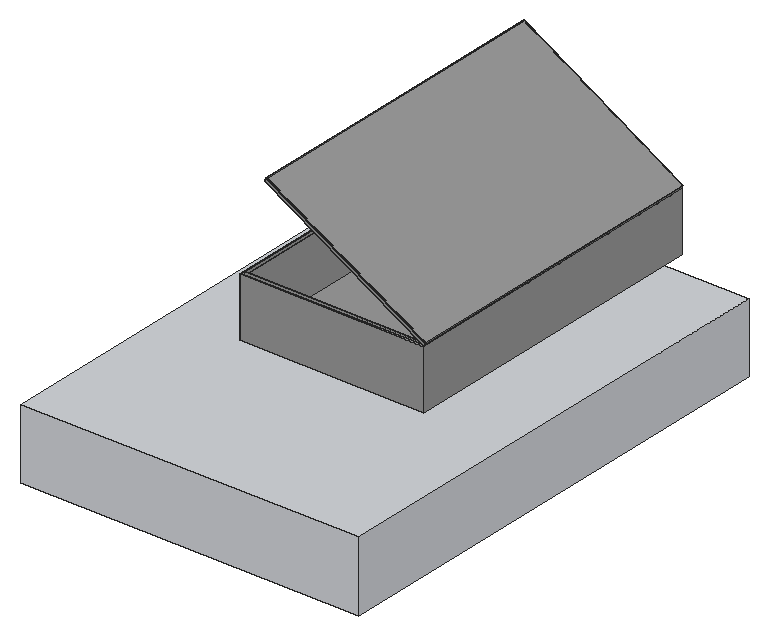
Revit family "Hager-Univers-IP55-D275-H1400-Cl.I-Steel_encl-AT-de", category Equipement électrique, Revit 2020
Family settings
  Hôte = Face
  Configuration du panneau = Deux colonnes, circuits au sein
  Cote de connecteur circulaire = Utiliser le diamètre
  Type d'élément = Tableau de raccordement
  Couper avec des vides une fois chargée = Non
  Partagée = Non
  Point de calcul de pièce = Non
Parameters (values of type "Aufputz IP55 B800 H1400 T275  - FR93E")
  Width Control [instance] = if([EF000008 - Breite] > Min Width, [EF000008 - Breite], Min Width)  # 800 mm
  Commentaires du type = [HG000003 - Bereich]  # "Univers"
  Thickness Door [instance] = if([EF009171 - Materialstärke Tür/Deckel] > 3 mm, 3 mm, [EF009171 - Materialstärke Tür/Deckel])  # 1.5 mm
  Seal Frame Offset [instance] = 17 mm  # constant formula
  Plinth Visibility [instance] = [HG000027 - Sockelhöhe] > 0 mm  # no
  Model = ""
  Min Width [instance] = 100 mm  # constant formula
  Min Height [instance] = 100 mm  # constant formula
  Min Depth [instance] = (2 * [EF009170 - Materialstärke Gehäuse]) + 1 mm  # 4 mm
  Internal Frame Depth [instance] = (Door System Depth * 0.5)  # 9 mm
  Height Control [instance] = if([EF000040 - Höhe] > Min Height, [EF000040 - Höhe], Min Height)  # 1400 mm
  HG000027 - Sockelhöhe = 0 mm
  HG000026 - Stehend auf dem Boden = no
  HG000024 - Höhe des unteren Teils = 800 mm
  HG000023 - Gehäuse mit doppeltem Querschnitt = no
  HG000016 - 3D-Türsichtbarkeit [instance] = yes
  HG000015 - Sichtbarkeit der Türöffnung [instance] = no
  HG000014 - Tür rechts [instance] = yes
  HG000013 - Tür links [instance] = not([HG000014 - Tür rechts])  # no
  HG000012 - Türschwenkwinkel [instance] = 30.00°
  HG000010 - Asymmetrische Türen = no
  HG000009 - Doppelflügeligen Tür = no
  HG000006 - Unterputz = no
  HG000004 - Herstellerreferenz = "FR93E"
  HG000003 - Bereich = "Univers"
  HG000002 - Mit tür = yes
  Frame Offset Bottom [instance] = 10 mm  # constant formula
  Frame Offset [instance] = 15 mm  # constant formula
  EF015940 - Deckel mit Überdruckentlastung = no
  EF011959 - Schutzart (NEMA) = ""
  EF009554 - Anzahl der Öffnungen für Flanschplatten = 6
  Fabricant = "Hager"  # constant formula
  EF009212 - Ausführung Deckel = "EV000116 - geschlossen"
  EF009171 - Materialstärke Tür/Deckel = 1.5 mm
  EF009170 - Materialstärke Gehäuse = 1.5 mm
  EF008873 - Nennstrom (In) = 800 A
  EF007800 - Geeignet für Blitzschutz = no
  EF006306 - Mit Schloss = no
  EF006244 - Transparenter Deckel/Tür = no
  EF005474 - Schutzart (IP) = "EV006420 - IP55"
  EF004464 - Art der Tür = "EV002646 - Einzel"
  EF004427 - Anzahl der Module = 324
  EF004293 - Schlagfestigkeit = "EV008784 - IK10"
  EF003532 - Geeignet für Außengebrauch = no
  EF002950 - Breite in Teilungseinheiten = 24
  EF001613 - Funktionserhalt = "EV000494 - ohne"
  EF001596 - Werkstoff des Gehäuses = "EV000179 - Stahl"
  EF001131 - Innentiefe = 275 mm
  EF001088 - Anbaumöglichkeit = yes
  EF000437 - Anzahl der Leitungseinführungen = 6
  EF000339 - Art der Abdeckung = "EV004216 - Tür"
  EF000266 - Anzahl der Reihen = 9
  EF000218 - Einbautiefe = 0 mm
  EF000118 - Mit Montageplatte = no
  EF000116 - RAL-Nummer = "7035"
  EF000049 - Tiefe = 275 mm
  EF000040 - Höhe = 1400 mm
  EF000008 - Breite = 800 mm
  EF000007 - Farbe = "EV000270 - grau"
  EF000003 - Montageart = "EV000384 - Aufputz"
  Door System Leaf Tolerance [instance] = 1.5 mm  # constant formula
  Door System Depth [instance] = 18 mm  # constant formula
  Door Height [instance] = Height Control - [HG000027 - Sockelhöhe]  # 1400 mm
  Depth Control [instance] = if([EF000049 - Tiefe] > Min Depth, [EF000049 - Tiefe], Min Depth)  # 275 mm
  Default Elevation = 0 mm
  Connector Offset [instance] = Height Control / 2  # 700 mm
  Bottom Top Plate Trim [instance] = 1.5 mm  # constant formula
  Plinth height Ctrl [instance] = if([HG000027 - Sockelhöhe] > 0 mm, [HG000027 - Sockelhöhe], 12 mm)  # 12 mm
Types (5, lengths in mm): name | Width Control | HG000010 - Asymmetrische Türen | HG000009 - Doppelflügeligen Tür | HG000004 - Herstellerreferenz | EF009554 - Anzahl der Öffnungen für Flanschplatten | EF004464 - Art der Tür | EF004427 - Anzahl der Module | EF000437 - Anzahl der Leitungseinführungen | EF000008 - Breite
  Aufputz IP55 B1050 H1400 T275  - FR94E | 1050 | no | yes | "FR94E" | 8 | "EV003602 - Doppel" | 432 | 8 | 1050
  Aufputz IP55 B1300 H1400 T275  - FR95E | 1300 | yes | yes | "FR95E" | 10 | "EV003602 - Doppel" | 540 | 10 | 1300
  Aufputz IP55 B300 H1400 T275  - FR91E | 300 | no | no | "FR91E" | 2 | "EV002646 - Einzel" | 108 | 2 | 300
  Aufputz IP55 B550 H1400 T275  - FR92E | 550 | no | no | "FR92E" | 4 | "EV002646 - Einzel" | 216 | 4 | 550
  Aufputz IP55 B800 H1400 T275  - FR93E | 800 | no | no | "FR93E" | 6 | "EV002646 - Einzel" | 324 | 6 | 800
Reference planes
  plane 1 "Center (Front/Back)": y = 0
  plane 2: z = 0
  plane 3 "Center (Left/Right)": x = 0
  plane 4: z = 275
  plane 5: y = 1.5
  plane 6: y = 700
  plane 7: y = 0
  plane 8: y = 1400
  plane 9: z = 0
  plane 10: x = -385
  plane 11: x = 385
  plane 12: x = 383.5
  plane 13: x = -383.5
  plane 14: y = 1398.5
  plane 15: x = -383
  plane 16: x = -400
  plane 17: x = 383
  plane 18: x = 400
  plane 19: x = 398.5
  plane 20: x = -398.5
  plane 21: y = 11.5
  plane 22: y = 1400
  plane 23: y = 1383.5
  plane 24: z = 257
  plane 25: z = 1.5
  plane 26: z = 255.5
  plane 27: z = 273.5
Forms (mm)
  Extrusion 1, solid
    sketch origin (0, 0, 0) x (1, 0, 0) y (0, 1, 0)
      loop
        line (-702.964, 1305) -> (-702.964, -811.445) -> (766.763, -811.445) -> (766.763, 1305) -> (-702.964, 1305)
    from 0 to -304.8
  Extrusion 2, solid, material "Hager_Steel_RAL7035_Light_Grey", visible <- "Plinth Visibility", detail levels medium+fine
    sketch origin (0, 0, 0) x (1, 0, 0) y (0, 1, 0)
      loop
        line (-400, 0) -> (400, 0) -> (400, 12) -> (-400, 12) -> (-400, 0)
    from 0 to 257
  Extrusion 3, solid, material "Hager_Steel_RAL7035_Light_Grey", detail levels medium+fine
    sketch origin (0, 0, 0) x (1, 0, 0) y (0, 1, 0)
      loop
        line (-400, 0) -> (400, 0) -> (400, 1400) -> (-400, 1400) -> (-400, 0)
    from 0 to 257
  Extrusion 4, void
    sketch origin (0, 0, 0) x (1, 0, 0) y (0, 1, 0)
      loop
        line (-398.5, 1.5) -> (398.5, 1.5) -> (398.5, 1398.5) -> (-398.5, 1398.5) -> (-398.5, 1.5)
    from 1.5 to 255.5
  Extrusion 5, void
    sketch origin (-381.607, -4572, 257) x (0, -1, 0) y (-1, 0, 0)
      loop
        line (-4583.5, 1.893) -> (-5955.5, 1.893) -> (-5955.5, -765.107) -> (-4583.5, -765.107) -> (-4583.5, 1.893)
    from 0 to 1.5 <- "EF009170 - Materialstärke Gehäuse"
  Extrusion 6, solid, material "Hager_Steel_RAL7035_Light_Grey", detail levels fine
    sketch origin (0, 0, 257) x (1, 0, 0) y (0, 1, 0)
      loop
        line (-383.5, 1383.5) -> (-383.5, 11.5) -> (383.5, 11.5) -> (383.5, 1383.5) -> (-383.5, 1383.5)
      loop
        line (-385, 10) -> (385, 10) -> (385, 1385) -> (-385, 1385) -> (-385, 10)
    from 0 to 9 <- "Internal Frame Depth"
  Extrusion 7, solid, material "Hager_Steel_RAL7035_Light_Grey", detail levels coarse
    sketch origin (0, 0, 0) x (1, 0, 0) y (0, 1, 0)
      loop
        line (-400, 0) -> (400, 0) -> (400, 1400) -> (-400, 1400) -> (-400, 0)
    from 0 to 275
  Sweep 8, void
    path in 3D
      loop
        line (-400, 12, 0) -> (400, 12, 0) -> (400, 12, 257) -> (-400, 12, 257) -> (-400, 12, 0)
    profile origin (-400, 12, 128.5) x (-1, 0, 0) y (0, -1, 0)
      loop
        line (0, 0) -> (0, 1.5) -> (-1.5, 1.5)
        arc (-1.5, 1.5) -> (-1.061, 0.439) -> (0, 0) r 1.5
Cuts and joins
  Extrusion 4, Extrusion 5 cuts Extrusion 3
  Sweep 8 cuts Extrusion 2
Lines and regions (mm)
  Masking region 1
    outline origin (0, 0, 0) x (1, 0, 0) y (0, 0, 1)
      loop
        line (-400, 275) -> (-400, 0) -> (400, 0) -> (400, 275) -> (-400, 275)
  Masking region 2, detail levels medium+fine
    outline origin (0, 140, 0) x (0, 1, 0) y (0, 0, 1)
      loop
        line (-140, 0) -> (1260, 0) -> (1260, 257) -> (-140, 257) -> (-140, 0)
  Masking region 3, not visible, detail levels medium+fine
    outline origin (0, 297.922, 0) x (0, 1, 0) y (0, 0, 1)
      loop
        line (413.578, 0) -> (453.578, 0) -> (453.578, 263.5)
        arc (453.578, 263.5) -> (450.649, 270.571) -> (443.578, 273.5) r 10
        line (443.578, 273.5) -> (413.578, 273.5) -> (413.578, 0)
  Masking region 4, detail levels coarse
    outline origin (0, 0, 180) x (0, 1, 0) y (0, 0, 1)
      loop
        line (0, -180) -> (1400, -180) -> (1400, 95) -> (0, 95) -> (0, -180)
  Masking region 5, visible <- "Plinth Visibility", detail levels medium+fine
    outline origin (0, 52.24, 12.345) x (0, 0, -1) y (0, 1, 0)
      loop
        line (10.845, -40.24) -> (-243.155, -40.24)
        arc (-243.155, -40.24) -> (-243.594, -41.301) -> (-244.655, -41.74) r 1.5
        line (-244.655, -41.74) -> (-244.655, -52.24) -> (12.345, -52.24) -> (12.345, -41.74)
        arc (12.345, -41.74) -> (11.285, -41.301) -> (10.845, -40.24) r 1.5
  Masking region 6, detail levels medium+fine
    outline origin (-381.607, -4572, 257) x (-1, 0, 0) y (0, -1, 0)
      loop
        line (18.393, -5972) -> (18.393, -4572) -> (-781.607, -4572) -> (-781.607, -5972) -> (18.393, -5972)
  Masking region 7, visible <- "Plinth Visibility", detail levels medium+fine
    outline origin (-381.607, -4727, 257) x (-1, 0, 0) y (0, -1, 0)
      loop
        arc (16.893, -4739) -> (17.332, -4737.939) -> (18.393, -4737.5) r 1.5
        line (18.393, -4737.5) -> (18.393, -4727) -> (-781.607, -4727) -> (-781.607, -4737.5)
        arc (-781.607, -4737.5) -> (-780.546, -4737.939) -> (-780.107, -4739) r 1.5
        line (-780.107, -4739) -> (16.893, -4739)
  Masking region 8, detail levels coarse
    outline origin (-442.548, -4669.526, 257) x (-1, 0, 0) y (0, -1, 0)
      loop
        line (-42.548, -6069.526) -> (-42.548, -4669.526) -> (-842.548, -4669.526) -> (-842.548, -6069.526) -> (-42.548, -6069.526)
  sketch lines
    curve 1: line (-400, 12, 257) -> (-400, 12, 0)
    curve 2: line (400, 12, 257) -> (-400, 12, 257)
    curve 3: line (400, 12, 257) -> (400, 12, 0)
    curve 4: line (-400, 12, 0) -> (400, 12, 0)
Dimensions and locks
  "Depth Control": plane 4 to Extrusion 1
  "HG000027 - Sockelhöhe": plane 1 "Center (Front/Back)" to plane 7
  "EF009170 - Materialstärke Gehäuse": plane 5 to plane 7
  locked: connector elem to plane 3 "Center (Left/Right)"
  equal spacing: plane 8, plane 6, plane 7
  locked: connector elem to plane 6
  "EF009170 - Materialstärke Gehäuse": plane 8 to plane 14
  "EF009170 - Materialstärke Gehäuse": plane 10 to plane 13
  "EF009170 - Materialstärke Gehäuse": plane 12 to plane 11
  "Frame Offset": plane 20 to plane 13
  "Frame Offset": plane 12 to plane 19
  "EF009170 - Materialstärke Gehäuse": plane 16 to plane 20
  "EF009170 - Materialstärke Gehäuse": plane 19 to plane 18
  "Seal Frame Offset": plane 16 to plane 15
  "Seal Frame Offset": plane 17 to plane 18
  "Frame Offset Bottom": plane 21 to plane 5
  "Frame Offset": plane 14 to plane 23
  equal spacing: plane 16, plane 3 "Center (Left/Right)", plane 18
  "Width Control": plane 16 to plane 18
  "EF009170 - Materialstärke Gehäuse": plane 4 to plane 27
  "EF009170 - Materialstärke Gehäuse": plane 24 to plane 26
  "EF009170 - Materialstärke Gehäuse": plane 25 to level
  "Door System Depth": plane 4 to plane 24
  "Height Control": plane 1 "Center (Front/Back)" to Extrusion 7 sketch curve
  "Height Control": Masking region 4 sketch curve to plane 1 "Center (Front/Back)"
  "Height Control": plane 1 "Center (Front/Back)" to plane 22
  "Bottom Top Plate Trim": profile plane to Sweep 8 sketch curve
  "Bottom Top Plate Trim": Sweep 8 sketch curve to profile plane
  "Plinth height Ctrl": plane 1 "Center (Front/Back)" to Extrusion 2 sketch curve
  "Plinth height Ctrl": Masking region 5 sketch curve to plane 1 "Center (Front/Back)"
  "Plinth height Ctrl": plane 1 "Center (Front/Back)" to Masking region 7 sketch curve
  "Thickness Door": Extrusion 6 sketch curve to Extrusion 6 sketch curve  (x3)
  "Thickness Door": cut or joined group of Extrusion 3, Extrusion 4, Extrusion 5 to Extrusion 6 sketch curve
  radius of Masking region 3 sketch curve = 10 mm
  "Bottom Top Plate Trim": radius of Masking region 5 sketch curve  (x2)
  "Bottom Top Plate Trim": radius of Sweep 8 sketch curve
  "Bottom Top Plate Trim": radius of Masking region 7 sketch curve  (x2)
  aligned and locked: plane 2 to Extrusion 1
  aligned and locked: level to Extrusion 1
  aligned and locked: level to Masking region 1 sketch curve
  aligned and locked: Masking region 1 sketch curve to plane 18
  aligned and locked: Masking region 1 sketch curve to plane 16
  aligned and locked: plane 7 to Masking region 2 sketch curve
  aligned and locked: level to Masking region 3 sketch curve
  aligned and locked: Masking region 3 sketch curve to plane 27
  aligned and locked: level to Masking region 2 sketch curve
  aligned and locked: plane 1 "Center (Front/Back)" to Extrusion 2 sketch curve
  aligned and locked: Extrusion 3 sketch curve to plane 7
  aligned and locked: plane 16 to Extrusion 3 sketch curve
  aligned and locked: plane 18 to Extrusion 3 sketch curve
  aligned and locked: plane 20 to Extrusion 4 sketch curve
  aligned and locked: plane 19 to Extrusion 4 sketch curve
  aligned and locked: Extrusion 4 sketch curve to plane 5
  aligned and locked: Extrusion 4 to plane 25
  aligned and locked: plane 26 to Extrusion 4
  aligned and locked: plane 24 to Extrusion 3
  aligned and locked: Extrusion 5 sketch curve to plane 21
  aligned and locked: Extrusion 5 sketch curve to plane 13
  aligned and locked: Extrusion 5 sketch curve to plane 12
  aligned and locked: plane 18 to Extrusion 7 sketch curve
  aligned and locked: plane 1 "Center (Front/Back)" to Extrusion 7 sketch curve
  aligned and locked: plane 16 to Extrusion 7 sketch curve
  aligned and locked: plane 4 to Extrusion 7
  aligned and locked: Extrusion 7 to level
  aligned and locked: level to Masking region 4 sketch curve
  aligned and locked: Masking region 4 sketch curve to plane 1 "Center (Front/Back)"
  aligned and locked: Masking region 4 sketch curve to plane 4
  aligned and locked: nested 1 to level
  aligned and locked: nested 1 to plane 16
  aligned and locked: plane 8 to Extrusion 3 sketch curve
  aligned and locked: plane 23 to Extrusion 5 sketch curve
  aligned and locked: plane 14 to Extrusion 4 sketch curve
  aligned and locked: Masking region 2 sketch curve to plane 8
  aligned and locked: level to Masking region 5 sketch curve
  aligned and locked: plane 16 to Extrusion 2 sketch curve
  aligned and locked: plane 18 to Extrusion 2 sketch curve
  aligned and locked: Masking region 5 sketch curve to plane 24
  aligned and locked: Masking region 2 sketch curve to plane 24
  aligned and locked: plane 24 to Extrusion 2
  aligned and locked: profile plane to Sweep 8 sketch curve  (x2)
  aligned and locked: Masking region 6 sketch curve to plane 18
  aligned and locked: Masking region 6 sketch curve to plane 22
  aligned and locked: Masking region 6 sketch curve to plane 16
  aligned and locked: plane 8 to plane 22
  aligned and locked: Masking region 6 sketch curve to plane 7
  aligned and locked: Masking region 7 sketch curve to plane 16
  aligned and locked: Masking region 7 sketch curve to plane 1 "Center (Front/Back)"
  aligned and locked: Masking region 7 sketch curve to plane 18
  aligned and locked: Masking region 8 sketch curve to plane 1 "Center (Front/Back)"
  aligned and locked: Masking region 8 sketch curve to plane 18
  aligned and locked: Masking region 8 sketch curve to plane 22
  aligned and locked: Masking region 8 sketch curve to plane 16
  aligned and locked: nested 2 to plane 7
  aligned and locked: plane 3 "Center (Left/Right)" to nested 2
  aligned and locked: nested 2 to plane 24
  aligned and locked: Extrusion 6 sketch curve to cut or joined group of Extrusion 3, Extrusion 4, Extrusion 5  (x4)
Automatic sketch dimensions
  Extrusion 1 sketch curve to Extrusion 1 sketch curve = 1469.727 mm
  Extrusion 1 sketch curve to Extrusion 1 sketch curve = 2116.445 mm
  Masking region 1 sketch curve to plane 4 = 0 mm
  plane 6 to Masking region 3 sketch curve = 11.5 mm
  Masking region 3 sketch curve to Masking region 3 sketch curve = 30 mm
  Masking region 5 sketch curve to plane 1 "Center (Front/Back)" = 0 mm
Nested families
  nested 1: "Hager_Enclosure_Symbol" at (-400, 0, 0) x (1, 0, 0) z (0, -1, 0), Height <- "Depth Control", Width <- "Width Control", type "Hager_Enclosure_Symbol"
    with Width_Ctrl 800 mm, Width 800 mm, Height_Ctrl 275 mm, Height 275 mm, A_Width_Int 18.047 mm, A_Width 216.562 mm, A_Height_Ctrl 240.625 mm, A_Height 240.625 mm
  nested 2: "EC000058_Univers_Door" at (0, 0, 257) x (1, 0, 0) z (0, 1, 0), Leaf_Tolerance <- "Door System Leaf Tolerance", Angle <- "HG000012 - Türschwenkwinkel", Door_Depth <- "Door System Depth", Door_Left <- "HG000013 - Tür links", Transparent <- "EF006244 - Transparenter Deckel/Tür", Assymetrical <- "HG000010 - Asymmetrische Türen", Width <- "Width Control", Clearance <- "HG000015 - Sichtbarkeit der Türöffnung", Double <- "HG000009 - Doppelflügeligen Tür", 3d_Door <- "HG000016 - 3D-Türsichtbarkeit", Lock_Visibility <- "EF006306 - Mit Schloss", Width_Ctrl <- "Width Control", Door_Right <- "HG000014 - Tür rechts", Door <- "HG000002 - Mit tür", Height <- "Door Height", Thickness <- "Thickness Door", type "EC000058_Univers_Door", detail levels medium+fine
    with min_wh 4 mm, Width_Ctrl 800 mm, Width 800 mm, Transparent no, Thickness 1.5 mm, Seal_Material Hager_Rubber, Lock_Visibility no, Lock_Material Hager_Plastic_RAL9005_Jet_Black, Leaf_Width 800 mm, Leaf_Tolerance_External_Sides 0 mm, Leaf_Tolerance 1.5 mm, Leaf_Offset 0 mm, Leaf_Height 1397 mm, Leaf_2_Width 800 mm, Leaf_2_Offset 400 mm, Leaf_1_Width 800 mm, Leaf_1_Offset 400 mm, Height_Ctrl 1400 mm, Height 1400 mm, Glass_Material Hager_Glass, Double_Clearance_Ctrl no, Double no, Door_Right_Ctrl yes, Door_Right yes, Door_Material Hager_Steel_RAL7035_Light_Grey, Door_Left_Ctrl no, Door_Left no, Door_Depth 18 mm, Door yes, Clearance_Material Hager_Clearance, Clearance_Depth 800 mm, Clearance_Ctrl no, Clearance no, Assymetrical no, Angle 30.00°, 3d_Door yes
Connectors
  electrical at (0, 700, 0)
    settings: on plane 9, index 1, voltage 0 V, apparent load 0 VA, apparent load phase1 0 VA, apparent load phase2 0 VA, apparent load phase3 0 VA, power factor 1, load classification "Other", number of poles 1, system type 30, power factor state 1, is connector primary yes, connector utility no, sub classification motor no, connector description ""
Definition of nested family "EC000058_Univers_Door"
  Parameters (values of type "EC000058_Univers_Door")
    min_wh [instance] = (2 * Thickness) + 1 mm  # 11 mm
    Width_Ctrl [instance] = 400 mm
    Width [instance] = 500 mm
    Transparent [instance] = yes
    Thickness [instance] = 5 mm
    Seal_Material [instance] = none
    Lock_Visibility [instance] = yes
    Lock_Material [instance] = none
    Leaf_Width [instance] = if((Width_Ctrl - 2 * Leaf_Tolerance_External_Sides) > 0 mm, (Width_Ctrl - 2 * Leaf_Tolerance_External_Sides), min_wh)  # 400 mm
    Leaf_Tolerance_External_Sides [instance] = 0 mm  # constant formula
    Leaf_Tolerance [instance] = 1.5 mm
    Leaf_Offset [instance] = 0 mm  # constant formula
    Leaf_Height [instance] = if((Height_Ctrl - 2 * Leaf_Tolerance) > 0 mm, (Height_Ctrl - 2 * Leaf_Tolerance), min_wh)  # 497 mm
    Leaf_2_Width [instance] = if(and(and(Double, Assymetrical), Door_Left), (Leaf_Width / 3) - (Leaf_Tolerance / 2), if(and(and(Double, Assymetrical), Door_Right), (Leaf_Width / 3) * 2 - (Leaf_Tolerance / 2), if(and(Double, not(Assymetrical)), (Leaf_Width / 2) - Leaf_Tolerance, Leaf_Width)))  # 400 mm
    Leaf_2_Offset [instance] = if(and(Double, Assymetrical), Leaf_2_Width / 2, if(and(Double, not(Assymetrical)), Leaf_Width / 4, Leaf_Width / 2))  # 200 mm
    Leaf_1_Width [instance] = if(and(and(Double, Assymetrical), Door_Right), (Leaf_Width / 3) - (Leaf_Tolerance / 2), if(and(and(Double, Assymetrical), Door_Left), (Width / 3) * 2 - (Leaf_Tolerance / 2), if(and(Double, not(Assymetrical)), (Leaf_Width / 2) - Leaf_Tolerance, Leaf_Width)))  # 400 mm
    Leaf_1_Offset [instance] = if(and(Double, Assymetrical), Leaf_1_Width / 2, if(and(Double, not(Assymetrical)), Leaf_Width / 4, Leaf_Width / 2))  # 200 mm
    Height_Ctrl [instance] = if(Height > min_wh, Height, min_wh)  # 500 mm
    Height [instance] = 500 mm
    Glass_Material [instance] = none
    Double_Clearance_Ctrl [instance] = and(Double, Clearance)  # no
    Double [instance] = no
    Door_Right_Ctrl [instance] = and(or(Door_Right, Double), Door)  # yes
    Door_Right [instance] = yes
    Door_Material [instance] = none
    Door_Left_Ctrl [instance] = and(or(Door_Left, Double), Door)  # no
    Door_Left [instance] = no
    Door_Depth [instance] = 30 mm
    Door [instance] = yes
    Default Elevation = 1219.2 mm
    Clearance_Material [instance] = none
    Clearance_Depth [instance] = if(Leaf_1_Width > Leaf_2_Width, Leaf_1_Width, Leaf_2_Width)  # 400 mm
    Clearance_Ctrl [instance] = and(not(Double), Clearance)  # yes
    Clearance [instance] = yes
    Assymetrical [instance] = yes
    Angle [instance] = 30.00°
    3d_Door [instance] = yes
  Reference planes
    plane 1 "Center (Front/Back)": y = 0
    plane 2 "Bottom": z = 0
    plane 3 "Center (Left/Right)": x = 0
    plane 4: z = 500
    plane 5: x = -200
    plane 6: x = 200
    plane 7: z = 500
    plane 8: x = -200
    plane 9: z = 0
    plane 10: x = 200
    plane 11: y = 0
    plane 12: z = 1.5
    plane 13: x = -600
    plane 14: y = -400
    plane 15: x = 600
    plane 16: x = 0
    plane 17: x = 0
    plane 18: x = -200
    plane 19: x = 200
    plane 20: z = 498.5
  Forms (mm)
    Extrusion 1, solid, material <- "Clearance_Material", visible <- "Double_Clearance_Ctrl"
      sketch origin (1200, 0, 0) x (1, 0, 0) y (0, 0, -1)
        loop
          line (-1800, -498.5) -> (-600, -498.5) -> (-600, 0) -> (-1800, 0) -> (-1800, -498.5)
      from 0 to -400
  Dimensions and locks
    equal spacing: plane 5, plane 3 "Center (Left/Right)", plane 6
    "Width_Ctrl": plane 5 to plane 6
    "Leaf_Offset": plane 5 to plane 8
    "Leaf_Offset": plane 6 to plane 10
    "Leaf_Offset": plane 9 to level
    "Leaf_Offset": plane 4 to plane 7
    "Height_Ctrl": plane 4 to level
    "Leaf_Tolerance": plane 12 to plane 9
    locked: plane 11 to plane 1 "Center (Front/Back)"
    "Leaf_1_Offset": plane 18 to plane 16
    "Leaf_2_Offset": plane 17 to plane 19
    "Leaf_1_Width": plane 13 to plane 8
    "Leaf_2_Width": plane 10 to plane 15
    "Clearance_Depth": plane 14 to plane 1 "Center (Front/Back)"
    "Leaf_Tolerance_External_Sides": plane 8 to plane 18
    "Leaf_Tolerance_External_Sides": plane 19 to plane 10
    "Leaf_Tolerance": plane 7 to plane 20
    aligned and locked: level to plane 2 "Bottom"
    aligned and locked: nested 1 to plane 16
    aligned and locked: nested 2 to plane 17
    aligned and locked: Extrusion 1 to plane 13
    aligned and locked: plane 15 to Extrusion 1
    aligned and locked: Extrusion 1 to plane 14
    aligned and locked: plane 12 to nested 1
    aligned and locked: nested 2 to plane 12
    aligned and locked: Extrusion 1 to plane 11
    aligned and locked: plane 20 to Extrusion 1
    aligned and locked: nested 2 to plane 11
    aligned and locked: nested 1 to plane 11
  Automatic sketch dimensions
    Extrusion 1 sketch curve to level = 0 mm
    plane 5 to Extrusion 1 sketch curve = 400 mm
    plane 6 to Extrusion 1 sketch curve = 400 mm
    Extrusion 1 sketch curve to plane 4 = 1.5 mm
  Nested families
    nested 1: "EC000058_Univers_Door_Leaf" at (0, 0, 1.5), Width <- "Leaf_1_Width", visible <- "Door_Left_Ctrl", Leaf_Height <- "Leaf_Height", Angle <- "Angle", 3d_Door <- "3d_Door", Transparent <- "Transparent", Clearance Material <- "Clearance_Material", Clearance <- "Clearance_Ctrl", Door_Material <- "Door_Material", Glass_Material <- "Glass_Material", Door_Depth <- "Door_Depth", Lock_Material <- "Lock_Material", Seal_Material <- "Seal_Material", Lock_Visibility <- "Lock_Visibility", Thickness <- "Thickness", type "EC000058_Univers_Door_Leaf"
      with Width 400 mm, Transparent_Glass_Offset 30 mm, Transparent_Ctrl yes, Transparent yes, Thickness 5 mm, Standard no, Seal_Material none, Seal_D2 8 mm, Seal_D1 1 mm, Offset_Internal_Frame 10 mm, Lock_Width 20 mm, Lock_Visibility_3d yes, Lock_Visibility yes, Lock_Thickness_3 3 mm, Lock_Thickness_2 1 mm, Lock_Thickness_1 3 mm, Lock_Radius_Offset_2 16 mm, Lock_Radius_Offset_1 15 mm, Lock_Radius_2 5 mm, Lock_Radius 6 mm, Lock_Offset 5 mm, Lock_Material none, Lock_Height 80 mm, Lock_Cover_Top_Offset_2d 17 mm, Lock_Cover_Height -65 mm, Leaf_Height 497 mm, Internal_Seal_Thickness 8 mm, Internal_Seal_Depth_2 4.5 mm, Internal_Frame_Depth 25 mm, Glass_Thickness -1 mm, Glass_Offset -2 mm, Glass_Material none, Door_Material none, Door_Depth 30 mm, Clearance Material none, Clearance yes, Angle_Ctrl 30.00°, Angle 30.00°, 3d_Door yes
    nested 2: "EC000058_Univers_Door_Leaf" at (0, 0, 1.5) x (-1, 0, 0) z (0, 0, 1), Width <- "Leaf_2_Width", visible <- "Door_Right_Ctrl", Leaf_Height <- "Leaf_Height", Angle <- "Angle", 3d_Door <- "3d_Door", Transparent <- "Transparent", Clearance Material <- "Clearance_Material", Clearance <- "Clearance_Ctrl", Door_Material <- "Door_Material", Glass_Material <- "Glass_Material", Door_Depth <- "Door_Depth", Lock_Material <- "Lock_Material", Seal_Material <- "Seal_Material", Lock_Visibility <- "Lock_Visibility", Thickness <- "Thickness", type "EC000058_Univers_Door_Leaf"
      with Width 400 mm, Transparent_Glass_Offset 30 mm, Transparent_Ctrl yes, Transparent yes, Thickness 5 mm, Standard no, Seal_Material none, Seal_D2 8 mm, Seal_D1 1 mm, Offset_Internal_Frame 10 mm, Lock_Width 20 mm, Lock_Visibility_3d yes, Lock_Visibility yes, Lock_Thickness_3 3 mm, Lock_Thickness_2 1 mm, Lock_Thickness_1 3 mm, Lock_Radius_Offset_2 16 mm, Lock_Radius_Offset_1 15 mm, Lock_Radius_2 5 mm, Lock_Radius 6 mm, Lock_Offset 5 mm, Lock_Material none, Lock_Height 80 mm, Lock_Cover_Top_Offset_2d 17 mm, Lock_Cover_Height -65 mm, Leaf_Height 497 mm, Internal_Seal_Thickness 8 mm, Internal_Seal_Depth_2 4.5 mm, Internal_Frame_Depth 25 mm, Glass_Thickness -1 mm, Glass_Offset -2 mm, Glass_Material none, Door_Material none, Door_Depth 30 mm, Clearance Material none, Clearance yes, Angle_Ctrl 30.00°, Angle 30.00°, 3d_Door yes
  Definition of nested family "EC000058_Univers_Door_Leaf"
    Parameters (values of type "EC000058_Univers_Door_Leaf")
      Width [instance] = 2000 mm
      Transparent_Glass_Offset [instance] = 30 mm
      Transparent_Ctrl [instance] = and(Transparent, [3d_Door])  # yes
      Transparent [instance] = yes
      Thickness [instance] = 5 mm
      Standard [instance] = and(not(Transparent), [3d_Door])  # no
      Seal_Material [instance] = none
      Seal_D2 [instance] = 8 mm  # constant formula
      Seal_D1 [instance] = 1 mm  # constant formula
      Offset_Internal_Frame [instance] = 10 mm  # constant formula
      Lock_Width [instance] = 20 mm  # constant formula
      Lock_Visibility_3d [instance] = and(Lock_Visibility, [3d_Door])  # yes
      Lock_Visibility [instance] = yes
      Lock_Thickness_3 [instance] = 3 mm  # constant formula
      Lock_Thickness_2 [instance] = 1 mm  # constant formula
      Lock_Thickness_1 [instance] = 3 mm  # constant formula
      Lock_Radius_Offset_2 [instance] = Lock_Radius_Offset_1 + 1 mm  # 16 mm
      Lock_Radius_Offset_1 [instance] = 15 mm  # constant formula
      Lock_Radius_2 [instance] = Lock_Radius - 1 mm  # 5 mm
      Lock_Radius [instance] = 6 mm  # constant formula
      Lock_Offset [instance] = 5 mm  # constant formula
      Lock_Material [instance] = none
      Lock_Height [instance] = 80 mm  # constant formula
      Lock_Cover_Top_Offset_2d [instance] = Lock_Radius_Offset_2 + 1 mm  # 17 mm
      Lock_Cover_Height [instance] = -(Lock_Height - Lock_Radius_Offset_1)  # -65 mm
      Leaf_Height [instance] = 2720.336 mm
      Internal_Seal_Thickness [instance] = 8 mm  # constant formula
      Internal_Seal_Depth_2 [instance] = 4.5 mm  # constant formula
      Internal_Frame_Depth [instance] = if(Door_Depth - Thickness > 5 mm, Door_Depth - Thickness, 5 mm)  # 25 mm
      Glass_Thickness [instance] = if(Thickness > 15 mm, Glass_Offset + 10 mm, -1 mm)  # -1 mm
      Glass_Offset [instance] = if(Thickness > 15 mm, -(Thickness + 10 mm) / 2, -2 mm)  # -2 mm
      Glass_Material [instance] = none
      Door_Material [instance] = none
      Door_Depth [instance] = 30 mm
      Default Elevation = 0 mm
      Clearance Material [instance] = none
      Clearance [instance] = yes
      Angle_Ctrl [instance] = if(Angle > 180.00°, 180.00°, Angle)  # 90.00°
      Angle [instance] = 90.00°
      3d_Door [instance] = yes
    Reference planes
      plane 1 "Center (Front/Back)": y = 0
      plane 2: z = 0
      plane 3 "Center (Left/Right)": x = 0
      plane 4: y = 2000
      plane 5: x = -1000
      plane 6: x = 1000
      plane 7: x = -3000
      plane 8: z = 2720.336
      plane 9: z = 30
      plane 10: z = 2690.336
      plane 11: x = 970
      plane 12: x = -970
      plane 13: y = -3
      plane 14: z = 107.833
      plane 15: y = -5
      plane 16: y = -223.314
      plane 17: x = -1000
      plane 18: z = 1360.168
      plane 19: y = 30
    Forms (mm)
      Extrusion 1, solid, material <- "Clearance Material", visible <- "Clearance"
        sketch origin (0, 0, 0) x (1, 0, 0) y (0, 0, 1)
          loop
            line (-3000, 2720.336) -> (-3000, 0) -> (1000, 0) -> (1000, 2720.336) -> (-3000, 2720.336)
        from 0 to -2000
      Extrusion 2, solid, material <- "Door_Material", visible <- "Standard", detail levels medium+fine
        sketch origin (-1000, 0, 0) x (0, 1, 0) y (-1, 0, 0)
          loop
            line (0, 30) -> (0, 25) -> (2000, 25) -> (2000, 30) -> (0, 30)
        from 0 to 2720.336 <- "Leaf_Height"
      Extrusion 3, solid, material <- "Door_Material", visible <- "Transparent_Ctrl", detail levels medium+fine
        sketch origin (-1000, 0, 0) x (0, 1, 0) y (-1, 0, 0)
          loop
            line (0, 25) -> (2000, 25) -> (2000, 30) -> (0, 30) -> (0, 25)
        from 0 to 2720.336 <- "Leaf_Height"
      Extrusion 4, void
        sketch origin (-1025, 2000, 0) x (0, 1, 0) y (0, 0, -1)
          loop
            line (-30, -2690.336) -> (-30, -30) -> (-1970, -30) -> (-1970, -2690.336) -> (-30, -2690.336)
        from 0 to 5 <- "Thickness"
      Sweep 5, solid, material <- "Seal_Material", visible <- "Transparent_Ctrl", detail levels fine
        path in 3D
          loop
            line (-1025, 30, 30) -> (-1025, 30, 2690.336) -> (-1025, 1970, 2690.336) -> (-1025, 1970, 30) -> (-1025, 30, 30)
        profile origin (-1025, 1000, 30) x (1, 0, 0) y (0, 0, 1)
          loop
            line (0, 0) -> (0, -8) -> (1, -8) -> (1, 0) -> (0, 0)
      Extrusion 6, solid, material <- "Glass_Material", visible <- "Transparent_Ctrl", detail levels medium+fine
        sketch origin (-1030, 0, 0) x (0, 1, 0) y (0, 0, -1)
          loop
            line (1970, -2690.336) -> (1970, -30) -> (30, -30) -> (30, -2690.336) -> (1970, -2690.336)
        from -2 <- "Glass_Offset" to -1 <- "Glass_Thickness"
      Extrusion 7, solid, material <- "Door_Material", visible <- "3d_Door", detail levels medium+fine
        sketch origin (-1025, 2000, 0) x (0, -1, 0) y (0, 0, -1)
          loop
            line (0, -2720.336) -> (2000, -2720.336) -> (2000, 0) -> (0, 0) -> (0, -2720.336)
          loop
            line (1995, -5) -> (5, -5) -> (5, -2715.336) -> (1995, -2715.336) -> (1995, -5)
        from 0 to 25 <- "Internal_Frame_Depth"
      Sweep 8, solid, material <- "Seal_Material", visible <- "Transparent_Ctrl", detail levels fine
        path in 3D
          loop
            line (-1025, 0, 0) -> (-1025, 2000, 0) -> (-1025, 2000, 2720.336) -> (-1025, 0, 2720.336) -> (-1025, 0, 0)
        profile origin (-1025, 0, 1360.168) x (1, 0, 0) y (0, 1, 0)
          loop
            line (0, 10) -> (2.975, 10)
            arc (2.975, 10) -> (4.053, 10.447) -> (4.5, 11.525) r 1.525
            line (4.5, 11.525) -> (4.5, 16.527)
            arc (4.5, 16.527) -> (4.069, 17.569) -> (3.027, 18) r 1.473
            line (3.027, 18) -> (0, 18) -> (0, 10)
      Extrusion 9, solid, material <- "Lock_Material", visible <- "Lock_Visibility_3d", detail levels fine
        sketch origin (-1030, 0, 0) x (0, 1, 0) y (0, 0, -1)
          loop
            arc (1993.5, -1400.168) -> (1994.561, -1399.729) -> (1995, -1398.668) r 1.5
            line (1995, -1398.668) -> (1995, -1320.168) -> (1975, -1320.168) -> (1975, -1398.668)
            arc (1975, -1398.668) -> (1975.439, -1399.729) -> (1976.5, -1400.168) r 1.5
            line (1976.5, -1400.168) -> (1993.5, -1400.168)
        from 3 <- "Lock_Thickness_1" to 0
      Blend 10, solid, material <- "Lock_Material", visible <- "Lock_Visibility_3d", detail levels fine
        base sketch origin (-1033, 0, 0) x (0, 1, 0) y (0, 0, -1)
          loop
            line (1975, -1320.168) -> (1975, -1398.668)
            arc (1975, -1398.668) -> (1975.439, -1399.729) -> (1976.5, -1400.168) r 1.5
            line (1976.5, -1400.168) -> (1993.5, -1400.168)
            arc (1993.5, -1400.168) -> (1994.561, -1399.729) -> (1995, -1398.668) r 1.5
            line (1995, -1398.668) -> (1995, -1320.168) -> (1975, -1320.168)
        top sketch origin (-1033, 0, 0) x (0, 1, 0) y (0, 0, -1)
          loop
            line (1976, -1320.168) -> (1976, -1398.668)
            arc (1976, -1398.668) -> (1976.146, -1399.022) -> (1976.5, -1399.168) r 0.5
            line (1976.5, -1399.168) -> (1993.5, -1399.168)
            arc (1993.5, -1399.168) -> (1993.854, -1399.022) -> (1994, -1398.668) r 0.5
            line (1994, -1398.668) -> (1994, -1320.168) -> (1976, -1320.168)
        from 0 to 1 <- "Lock_Thickness_2"
      Blend 11, solid, material <- "Lock_Material", visible <- "Lock_Visibility_3d", detail levels fine
        base sketch origin (-1034, 0, 0) x (0, 1, 0) y (0, 0, -1)
          loop
            line (1978, -1320.168) -> (1978, -1384.168)
            arc (1978, -1384.168) -> (1985, -1391.168) -> (1992, -1384.168) r 7
            line (1992, -1384.168) -> (1992, -1320.168) -> (1978, -1320.168)
        top sketch origin (-1034, 0, 0) x (0, 1, 0) y (0, 0, -1)
          loop
            line (1991, -1320.168) -> (1979, -1320.168) -> (1979, -1383.168)
            arc (1979, -1383.168) -> (1985, -1389.168) -> (1991, -1383.168) r 6
            line (1991, -1383.168) -> (1991, -1320.168)
        from 0 to 3 <- "Lock_Thickness_3"
      Extrusion 12, solid, material <- "Lock_Material", visible <- "Lock_Visibility_3d", detail levels fine
        sketch origin (-1030, 1975, 1320.168) x (1, 0, 0) y (0, -1, 0)
          loop
            line (-7, -19) -> (-7, -1) -> (0, -1) -> (0, 0) -> (-8, 0) -> (-8, -20) -> (0, -20) -> (0, -19) -> (-7, -19)
        from 0 to -65 <- "Lock_Cover_Height"
      Extrusion 13, void
        sketch origin (-1038, 1995, 1320.168) x (-1, 0, 0) y (0, 0, -1)
          loop
            line (-5, -65) -> (0, -65) -> (-5, -60) -> (-5, -65)
        from 0 to 20 <- "Lock_Width"
      Extrusion 14, void
        sketch origin (-1038, 1975, 1320.168) x (0, -1, 0) y (0, 0, -1)
          loop
            circle (-10, -15.995) r 6
          loop
            circle (-10, -15.995) r 5
        from 0 to 2
      Extrusion 15, solid, material <- "Lock_Material", visible <- "Lock_Visibility_3d", detail levels medium
        sketch origin (-1030, 0, 0) x (0, 1, 0) y (0, 0, -1)
          loop
            arc (1993.5, -1400.168) -> (1994.561, -1399.729) -> (1995, -1398.668) r 1.5
            line (1995, -1398.668) -> (1995, -1320.168) -> (1975, -1320.168) -> (1975, -1398.668)
            arc (1975, -1398.668) -> (1975.439, -1399.729) -> (1976.5, -1400.168) r 1.5
            line (1976.5, -1400.168) -> (1993.5, -1400.168)
        from 8 to 0
    Cuts and joins
      Extrusion 4 cuts Extrusion 3
      Extrusion 13, Extrusion 14 cuts Extrusion 9
      Extrusion 14 cuts Blend 11
      Extrusion 13, Extrusion 14 cuts Extrusion 12
      joined: Extrusion 9, Blend 10, Blend 11, Extrusion 12
      Extrusion 14 cuts Extrusion 15
    Lines and regions (mm)
      Masking region 1, visible <- "Lock_Visibility", detail levels fine
        outline origin (0, 0, 0) x (0, 1, 0) y (0, 0, 1)
          loop
            line (30, 1320.168) -> (33, 1320.168) -> (33, 1400.168) -> (30, 1400.168) -> (30, 1320.168)
      Masking region 2, visible <- "Lock_Visibility", detail levels fine
        outline origin (0, 3.143, 0) x (0, 1, 0) y (0, 0, 1)
          loop
            line (29.857, 1354.168) -> (30.857, 1354.168) -> (30.857, 1366.168) -> (29.857, 1366.168) -> (29.857, 1354.168)
      Masking region 3, detail levels medium+fine
        outline origin (0, 0, 0) x (0, 1, 0) y (0, 0, 1)
          loop
            line (0, 0) -> (30, 0) -> (30, 2720.336) -> (0, 2720.336) -> (0, 0)
      Masking region 4, detail levels medium+fine
        outline origin (0, 0, 0) x (1, 0, 0) y (0, 0, 1)
          loop
            line (-1000, 2720.336) -> (-1000, 0) -> (1000, 0) -> (1000, 2720.336) -> (-1000, 2720.336)
      Masking region 5, visible <- "Lock_Visibility", detail levels fine
        outline origin (-47.116, 0, 0) x (1, 0, 0) y (0, 0, 1)
          loop
            arc (1024.616, 1399.168) -> (1023.556, 1398.729) -> (1023.116, 1397.668) r 1.5
            line (1023.116, 1397.668) -> (1023.116, 1320.168) -> (1041.116, 1320.168) -> (1041.116, 1397.668)
            arc (1041.116, 1397.668) -> (1040.677, 1398.729) -> (1039.616, 1399.168) r 1.5
            line (1039.616, 1399.168) -> (1024.616, 1399.168)
      Masking region 6, visible <- "Lock_Visibility", detail levels medium+fine
        outline origin (-25, 0, 0) x (1, 0, 0) y (0, 0, 1)
          loop
            arc (1001.5, 1400.168) -> (1000.439, 1399.729) -> (1000, 1398.668) r 1.5
            line (1000, 1398.668) -> (1000, 1320.168) -> (1020, 1320.168) -> (1020, 1398.668)
            arc (1020, 1398.668) -> (1019.561, 1399.729) -> (1018.5, 1400.168) r 1.5
            line (1018.5, 1400.168) -> (1001.5, 1400.168)
      Masking region 7, visible <- "Lock_Visibility", detail levels fine
        outline origin (-73.735, 0, 0) x (1, 0, 0) y (0, 0, 1)
          loop
            line (1051.735, 1382.168) -> (1065.735, 1382.168) -> (1065.735, 1384.168)
            arc (1065.735, 1384.168) -> (1058.735, 1391.168) -> (1051.735, 1384.168) r 7
            line (1051.735, 1384.168) -> (1051.735, 1382.168)
      Masking region 8, visible <- "Lock_Visibility", detail levels fine
        outline origin (-73.735, 0, 0) x (1, 0, 0) y (0, 0, 1)
          loop
            line (1052.735, 1382.168) -> (1064.735, 1382.168) -> (1064.735, 1383.168)
            arc (1064.735, 1383.168) -> (1058.735, 1389.168) -> (1052.735, 1383.168) r 6
            line (1052.735, 1383.168) -> (1052.735, 1382.168)
      Masking region 9, visible <- "Lock_Visibility", detail levels fine
        outline origin (-25, 0, 0) x (1, 0, 0) y (0, 0, 1)
          loop
            line (1020, 1320.168) -> (1020, 1382.168) -> (1000, 1382.168) -> (1000, 1320.168) -> (1020, 1320.168)
      Masking region 10, detail levels medium+fine
        outline origin (0, 0, 0) x (1, 0, 0) y (0, 0, 1)
          loop
            circle (985, 1335.144) r 6
      Masking region 11, detail levels fine
        outline origin (0, 0, 0) x (1, 0, 0) y (0, 0, 1)
          loop
            circle (985, 1335.144) r 5
      Masking region 12, visible <- "Lock_Visibility", detail levels fine
        outline origin (0, 12.767, 0) x (0, 1, 0) y (0, 0, 1)
          loop
            line (20.233, 1320.168) -> (21.233, 1320.168) -> (21.233, 1399.168) -> (20.233, 1400.168) -> (20.233, 1320.168)
      Masking region 13, visible <- "Lock_Visibility", detail levels fine
        outline origin (0, 13.767, -10) x (0, 1, 0) y (0, 0, 1)
          loop
            line (20.233, 1330.168) -> (23.233, 1330.168) -> (23.233, 1399.168) -> (20.233, 1402.168) -> (20.233, 1330.168)
      Masking region 14, visible <- "Lock_Visibility", detail levels fine
        outline origin (0, 12.767, -10) x (0, 1, 0) y (0, 0, 1)
          loop
            line (20.233, 1330.168) -> (25.233, 1330.168) -> (25.233, 1399.305) -> (20.233, 1394.305) -> (20.233, 1330.168)
      Masking region 15, visible <- "Lock_Visibility", detail levels medium
        outline origin (0, 0, 0) x (0, 1, 0) y (0, 0, 1)
          loop
            line (30, 1320.168) -> (38, 1320.168) -> (38, 1400.168) -> (30, 1400.168) -> (30, 1320.168)
      Masking region 16, visible <- "Lock_Visibility", detail levels fine
        outline origin (-1000, 0, 0) x (0, 1, 0) y (-1, 0, 0)
          loop
            line (1975, 30) -> (1995, 30) -> (1995, 38) -> (1975, 38) -> (1975, 30)
          loop
            line (1979, 37) -> (1976, 37) -> (1976, 34) -> (1978, 34) -> (1979, 37)
          loop
            line (1994, 37) -> (1991, 37) -> (1992, 34) -> (1994, 34) -> (1994, 37)
      Masking region 17, visible <- "Lock_Visibility", detail levels medium
        outline origin (-1000, 0, 0) x (0, 1, 0) y (-1, 0, 0)
          loop
            line (1975, 30) -> (1995, 30) -> (1995, 38) -> (1975, 38) -> (1975, 30)
      symbolic lines
        curve 1: line (1000, 0, 0) -> (-3000, 0, 0)
        curve 2: arc (1000, 0, 0) -> (-1000, 2000, 0) -> (-3000, 0, 0) r 2000
        curve 4: line (-1030, 0, 0) -> (-1030, 2000, 0)
      reference lines
        curve 3: line (-1000, 0, 0) -> (-1000, 2000, 0)
      symbolic lines, detail levels medium+fine
        curve 5: line (-1030, 2000, 0) -> (-1025, 2000, 0)
        curve 7: line (-1025, 0, 0) -> (-1030, 0, 0)
        curve 8: line (-1025, 0, 0) -> (-1000, 0, 0)
        curve 9: line (-1000, 0, 0) -> (-1000, 2000, 0)
        curve 10: line (-1000, 2000, 0) -> (-1025, 2000, 0)
      symbolic lines, detail levels fine
        curve 6: line (-1025, 2000, 0) -> (-1025, 0, 0)
      sketch lines
        curve 11: line (-1025, 0, 2720.336) -> (-1025, 0, 0)
        curve 12: line (-1025, 2000, 0) -> (-1025, 0, 0)
        curve 13: line (-1025, 2000, 2720.336) -> (-1025, 2000, 0)
        curve 14: line (-1025, 0, 2720.336) -> (-1025, 2000, 2720.336)
        curve 15: line (-1025, 1970, 30) -> (-1025, 30, 30)
        curve 16: line (-1025, 30, 30) -> (-1025, 30, 2690.336)
        curve 17: line (-1025, 1970, 2690.336) -> (-1025, 1970, 30)
        curve 18: line (-1025, 30, 2690.336) -> (-1025, 1970, 2690.336)
      symbolic lines, visible <- "Transparent", detail levels medium+fine
        curve 19: line (-970, 0, 2690.336) -> (970, 0, 2690.336)
        curve 20: line (-970, 0, 30) -> (-970, 0, 2690.336)
        curve 21: line (970, 0, 30) -> (-970, 0, 30)
        curve 22: line (970, 0, 2690.336) -> (970, 0, 30)
    Dimensions and locks
      "Width": plane 1 "Center (Front/Back)" to plane 4
      equal spacing: plane 5, plane 3 "Center (Left/Right)", plane 6
      "Width": plane 5 to plane 6
      "Width": plane 7 to plane 5
      "Leaf_Height": plane 8 to level
      "Width": curve 5 to curve 3
      "Width": curve 3 to curve 3
      plane 8 to plane 10 = 30 mm
      plane 9 to level = 30 mm
      plane 12 to plane 5 = 30 mm
      plane 6 to plane 11 = 30 mm
      Extrusion 1 to Extrusion 4 sketch curve = 30 mm
      "Transparent_Glass_Offset": curve 3 to Extrusion 4 sketch curve
      "Transparent_Glass_Offset": Extrusion 4 sketch curve to cut or joined group of Extrusion 3, Extrusion 4  (x2)
      cut or joined group of Extrusion 3, Extrusion 4 to Extrusion 6 sketch curve = 30 mm
      "Transparent_Glass_Offset": cut or joined group of Extrusion 3, Extrusion 4 to Extrusion 4 sketch curve
      "Thickness": curve 6 to curve 4
      "Thickness": Extrusion 7 sketch curve to Extrusion 7 sketch curve  (x4)
      "Door_Depth": curve 4 to curve 3
      "Offset_Internal_Frame": profile plane to Sweep 8 sketch curve
      "Internal_Seal_Thickness": Sweep 8 sketch curve to Sweep 8 sketch curve
      "Internal_Seal_Depth_2": profile plane to Sweep 8 sketch curve
      "Seal_D1": profile plane to Sweep 5 sketch curve
      "Seal_D2": profile plane to Sweep 5 sketch curve
      "Thickness": Extrusion 2 sketch curve to Extrusion 2 sketch curve
      equal spacing: Extrusion 9 sketch curve, plane 18, Extrusion 9 sketch curve  (x2)
      equal spacing: Masking region 1 sketch curve, plane 18, Masking region 1 sketch curve
      "Lock_Height": Masking region 1 sketch curve to Masking region 1 sketch curve
      "Lock_Radius": Masking region 2 sketch curve to plane 18 to Masking region 2 sketch curve
      Masking region 2 sketch curve to Masking region 1 = 1 mm
      "Door_Depth": plane 19 to plane 1 "Center (Front/Back)"
      "Lock_Thickness_1": Masking region 1 sketch curve to plane 19
      "Lock_Width": Extrusion 9 sketch curve to Extrusion 9 sketch curve
      "Lock_Height": Extrusion 9 sketch curve to Extrusion 9 sketch curve
      "Lock_Offset": cut or joined group of Extrusion 3, Extrusion 4 to Extrusion 9 sketch curve
      equal spacing: plane 8, plane 18, level
      "Lock_Radius_Offset_1": Blend 11 sketch curve to Blend 10
      locked: Blend 10 to Blend 11 sketch curve at 2  (x2)
      locked: var sketch to Blend 11 sketch curve at 1  (x2)
      "Lock_Radius_Offset_2": Blend 11 sketch curve to Blend 10
      locked: Extrusion 12 sketch curve to Extrusion 12 sketch curve at 1  (x3)
      Masking region 6 sketch curve to Masking region 6 sketch curve = 80 mm
      "Lock_Height": Masking region 6 sketch curve to Masking region 6 sketch curve
      "Lock_Width": Masking region 6 sketch curve to Masking region 6 sketch curve
      locked: Masking region 6 to Masking region 5 sketch curve at 1  (x3)
      locked: Masking region 5 to Masking region 7 sketch curve at 2  (x2)
      "Lock_Radius_Offset_1": Masking region 5 to Masking region 7 sketch curve
      "Lock_Radius_Offset_2": Masking region 5 to Masking region 8 sketch curve
      locked: Masking region 7 to Masking region 8 sketch curve at 1  (x2)
      "Lock_Cover_Top_Offset_2d": Masking region 5 to Masking region 9 sketch curve
      equal spacing: Masking region 9, Masking region 10 sketch curve, Masking region 9
      equal spacing: Masking region 9, Masking region 11 sketch curve, Masking region 9
      Extrusion 15 sketch curve to Extrusion 15 sketch curve = 80 mm
      "Lock_Width": Extrusion 15 sketch curve to Extrusion 15 sketch curve
      "Lock_Height": Extrusion 15 sketch curve to Extrusion 15 sketch curve
      equal spacing: Extrusion 15 sketch curve, plane 18, Extrusion 15 sketch curve
      "Lock_Thickness_3": Masking region 13 sketch curve to Masking region 13 sketch curve
      "Lock_Height": Masking region 12 sketch curve to Masking region 12 sketch curve
      locked: Masking region 13 sketch curve to Masking region 1 at 8
      locked: Masking region 14 sketch curve to Masking region 13 at 1
      locked: Masking region 14 sketch curve to Masking region 1 at 10.863
      "Lock_Height": Masking region 15 sketch curve to Masking region 15 sketch curve
      "Lock_Offset": Extrusion 15 sketch curve to cut or joined group of Extrusion 3, Extrusion 4
      "Lock_Offset": plane 6 to Masking region 6 sketch curve
      radius of Sweep 8 sketch curve = 1.525 mm
      radius of Sweep 8 sketch curve = 1.473 mm
      radius of Extrusion 9 sketch curve = 1.5 mm  (x2)
      "Lock_Radius": radius of Extrusion 14 sketch curve
      "Lock_Radius_2": radius of Extrusion 14 sketch curve
      "Lock_Radius": radius of Masking region 10 sketch curve
      "Lock_Radius_2": radius of Masking region 11 sketch curve
      radius of Extrusion 15 sketch curve = 1.5 mm  (x2)
      "Angle_Ctrl": angle plane 1 "Center (Front/Back)" to curve 3
      locked: Masking region 12 sketch curve to Masking region 12 sketch curve (angle 45.00°)
      locked: Masking region 13 sketch curve to Masking region 13 sketch curve (angle 45.00°)
      locked: Masking region 14 sketch curve to Masking region 14 sketch curve (angle 45.00°)
      aligned and locked: level to plane 2
      aligned and locked: Extrusion 1 to curve 1
      aligned and locked: plane 6 to Extrusion 1
      aligned and locked: Extrusion 1 to plane 1 "Center (Front/Back)"
      aligned and locked: plane 4 to Extrusion 1
      aligned and locked: plane 8 to Extrusion 1
      aligned and locked: curve 7 to Extrusion 2 sketch curve
      aligned and locked: curve 5 to Extrusion 2 sketch curve
      aligned and locked: curve 7 to Extrusion 3 sketch curve
      aligned and locked: Extrusion 3 sketch curve to curve 4
      aligned and locked: Extrusion 3 sketch curve to curve 6
      aligned and locked: Extrusion 3 sketch curve to curve 5
      aligned and locked: curve 9 to curve 3
      aligned and locked: Extrusion 7 sketch curve to cut or joined group of Extrusion 3, Extrusion 4  (x4)
      aligned and locked: plane 17 to curve 3
      aligned and locked: plane 1 "Center (Front/Back)" to curve 3
      aligned and locked: plane 17 to plane 5
      aligned and locked: Sweep 8 sketch curve to profile plane
      aligned and locked: Sweep 5 sketch curve to profile plane  (x2)
      aligned and locked: Masking region 1 to Masking region 2 sketch curve
      aligned and locked: plane 19 to Masking region 1 sketch curve
      aligned and locked: plane 1 "Center (Front/Back)" to Masking region 3 sketch curve
      aligned and locked: plane 19 to Masking region 3 sketch curve
      aligned and locked: level to Masking region 3 sketch curve
      aligned and locked: Masking region 3 sketch curve to plane 8
      aligned and locked: plane 17 to Masking region 4 sketch curve
      aligned and locked: level to Masking region 4 sketch curve
      aligned and locked: Masking region 4 sketch curve to plane 8
      aligned and locked: plane 12 to curve 20
      aligned and locked: plane 10 to curve 19
      aligned and locked: plane 11 to curve 22
      aligned and locked: curve 21 to plane 9
      aligned and locked: Extrusion 2 sketch curve to cut or joined group of Extrusion 3, Extrusion 4
      aligned and locked: Blend 10 sketch curve to Extrusion 9  (x4)
      aligned and locked: Extrusion 9 to Blend 10 sketch curve
      aligned and locked: Blend 10 to Blend 11 sketch curve
      aligned and locked: Extrusion 12 sketch curve to Blend 11
      aligned and locked: Extrusion 12 sketch curve to Extrusion 9  (x4)
      aligned and locked: Masking region 5 sketch curve to Masking region 6
      aligned and locked: Masking region 9 sketch curve to Masking region 6  (x3)
      aligned and locked: Masking region 12 sketch curve to Masking region 1
      aligned and locked: Masking region 13 sketch curve to Masking region 1
      aligned and locked: Masking region 12 to Masking region 14
      aligned and locked: Masking region 14 sketch curve to Masking region 1
      aligned and locked: Masking region 15 sketch curve to Masking region 14
      aligned and locked: Masking region 13 sketch curve to Masking region 12
      aligned and locked: Masking region 16 sketch curve to cut or joined group of Extrusion 14, Extrusion 15  (x4)
      aligned and locked: Masking region 16 sketch curve to cut or joined group of Extrusion 9, Blend 10, Blend 11, Extrusion 12, Extrusion 13, Extrusion 14  (x6)
      aligned and locked: cut or joined group of Extrusion 9, Blend 10, Blend 11, Extrusion 12, Extrusion 13, Extrusion 14 to Masking region 16 sketch curve
      aligned and locked: Masking region 17 sketch curve to cut or joined group of Extrusion 14, Extrusion 15  (x3)
      aligned and locked: Masking region 17 sketch curve to cut or joined group of Extrusion 9, Blend 10, Blend 11, Extrusion 12, Extrusion 13, Extrusion 14
      aligned and locked: Masking region 9 to Masking region 8 sketch curve
      aligned and locked: Masking region 9 to Masking region 7 sketch curve
    Automatic sketch dimensions
      plane 1 "Center (Front/Back)" to curve 2 = 0 mm
      curve 2 to plane 5 = 0 mm
      Extrusion 1 sketch curve to level = 0 mm
      Extrusion 1 sketch curve to plane 7 = 0 mm
      Extrusion 1 sketch curve to plane 6 = 0 mm
      Extrusion 1 sketch curve to plane 8 = 0 mm
      Extrusion 3 to Extrusion 6 sketch curve = 30 mm  (x4)
      Masking region 4 sketch curve to plane 6 = 0 mm
      Blend 10 sketch curve to Extrusion 9 = 1.5 mm
      Blend 10 sketch curve to Extrusion 9 = 1 mm
      Extrusion 13 sketch curve to Extrusion 12 = 0 mm  (x2)
      Extrusion 12 to Extrusion 13 sketch curve = 3 mm
      Extrusion 13 sketch curve to Extrusion 12 = 5 mm
      Extrusion 14 sketch curve to Extrusion 14 sketch curve = 0 mm  (x2)
      Extrusion 14 sketch curve to Extrusion 12 = 10 mm
      Extrusion 14 sketch curve to Extrusion 12 = 15.995 mm
      Masking region 5 sketch curve to Masking region 5 sketch curve = 1.5 mm  (x2)
      Masking region 10 sketch curve to plane 18 = 25.024 mm
      Masking region 11 sketch curve to plane 18 = 25.024 mm
      plane 19 to Masking region 14 sketch curve = 3 mm
      Masking region 16 sketch curve to Masking region 16 sketch curve = 3 mm
      curve 4 to curve 3 = 0 mm
      Blend 10 to Blend 11 sketch curve = 0 mm
      Masking region 6 sketch curve to Masking region 6 sketch curve = 1.5 mm  (x2)
      Masking region 6 sketch curve to plane 18 = 40 mm
      plane 19 to Masking region 12 sketch curve = 3 mm
      Masking region 12 sketch curve to Masking region 12 sketch curve = 1 mm
      Masking region 15 sketch curve to plane 19 = 0 mm
      Masking region 15 sketch curve to plane 18 = 40 mm
      radius of Blend 10 sketch curve to Extrusion 9 = 1 mm
Definition of nested family "Hager_Enclosure_Symbol"
  Parameters (values of type "Hager_Enclosure_Symbol")
    Width_Ctrl [instance] = if(Width > 1 mm, Width, 1 mm)  # 102.27 mm
    Width [instance] = 102.27 mm
    Height_Ctrl [instance] = if(Height > 1 mm, Height, 1 mm)  # 66.5 mm
    A_Width_Int [instance] = if(A_Width / 12 > 2 mm, A_Width / 12, 2 mm)  # 4.364 mm
    A_Width [instance] = if(A_Height_Ctrl * 0.9 > 2 mm, A_Height_Ctrl * 0.9, 2 mm)  # 52.369 mm
    A_Height_Ctrl [instance] = if(A_Height > 2 mm, A_Height, 2 mm)  # 58.188 mm
    Height [instance] = 66.5 mm
    A_Height [instance] = Height - (Height / 8)  # 58.188 mm
  Reference planes
    plane 1 "Centre (avant/arrière)": y = 0
    plane 2: z = 0
    plane 3 "Centre (gauche/droite)": x = 0
    plane 4: x = 52.369
    plane 5: y = 33.042
    plane 6: y = 41.77
    plane 7: y = 66.5
    plane 8: x = 26.184
    plane 9: y = 37.406
    plane 10: x = 102.27
    plane 11: y = 66.5
    plane 12: y = 8.313
  Lines and regions (mm)
    Filled region 1, type "Solid_Black", in view "Niveau de réf."
      outline origin (0, 0, 0) x (1, 0, 0) y (0, 1, 0)
        loop
          line (52.369, 66.5) -> (33.188, 54.536) -> (45.365, 45.006) -> (52.369, 66.5)
    Filled region 2, type "Solid_Black", in view "Niveau de réf."
      outline origin (0, 0, 0) x (1, 0, 0) y (0, 1, 0)
        loop
          line (0, 0) -> (102.27, 0) -> (102.27, 66.5) -> (0, 0)
    detail lines, in view "Niveau de réf."
      curve 1: line (0, 8.313, 0) -> (26.184, 41.77, 0)
      curve 2: line (26.184, 41.77, 0) -> (26.184, 33.042, 0)
      curve 3: line (26.184, 33.042, 0) -> (52.369, 66.5, 0)
  Dimensions and locks
    "A_Width": plane 3 "Centre (gauche/droite)" to plane 4
    equal spacing: plane 3 "Centre (gauche/droite)", plane 8, plane 4
    equal spacing: plane 6, plane 9, plane 5
    equal spacing: curve 3, Filled region 1 sketch curve, Filled region 1 sketch curve
    "Height_Ctrl": plane 1 "Centre (avant/arrière)" to plane 11
    "A_Height_Ctrl": plane 11 to plane 12
    equal spacing: plane 11, plane 9, plane 12
    "A_Width_Int": plane 6 to plane 9
    "Width_Ctrl": plane 3 "Centre (gauche/droite)" to plane 10
    angle Filled region 1 sketch curve to curve 3 = 20.00°
    angle curve 3 to Filled region 1 sketch curve = 20.00°
    locked: curve 3 to Filled region 1 sketch curve (angle 90.00°)
    aligned and locked: plane 10 to Filled region 2
    aligned and locked: plane 11 to Filled region 2 sketch curve
    aligned and locked: plane 10 to Filled region 2 sketch curve
    aligned and locked: plane 3 "Centre (gauche/droite)" to curve 1
    aligned and locked: plane 12 to curve 1
    aligned and locked: plane 7 to plane 11
  Automatic sketch dimensions
    Filled region 1 sketch curve to plane 4 = 0 mm
    Filled region 1 sketch curve to plane 7 = 0 mm
    plane 1 "Centre (avant/arrière)" to Filled region 2 sketch curve = 0 mm
    Filled region 2 sketch curve to plane 3 "Centre (gauche/droite)" = 0 mm
    curve 2 to plane 6 = 0 mm
    curve 2 to plane 8 = 0 mm
    curve 3 to plane 4 = 0 mm
    curve 2 to plane 5 = 0 mm
    curve 3 to plane 7 = 0 mm
